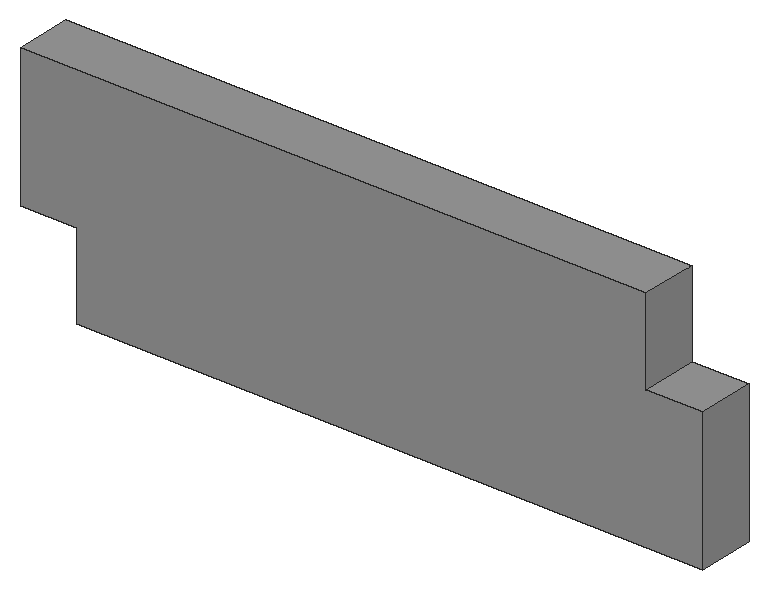
Revit family "1. Sabbia_StraightP_EN", category Modelos genéricos, Revit 2017
Family settings
  Anfitrión = Muro
  Puede alojar armadura = No
  Cota de conector redondo = Diámetro de uso
  Tipo de pieza = Normal
  Siempre vertical = Sí
  Corte con vacíos al cargar = No
  Compartido = No
  Punto de cálculo de habitación = No
Parameters (values of type "Stonepanel® Sabbia")
  Stonepanel advantages = "More Efficient: Simple and quick installation: 10 times faster than traditional masonry (placing rate average 20m2/day). More profitable: virtually non-existent product waste. Natural Stone products are more durable than other cladding materials. Stonepanel™ installation requires no skilled labour or machinery.\r\nSafer: The incorporated mechanical anchor of Stonepanel™, made of stainless steel, enables the installation of natural stone panel on surfaces higher than two meters. Strong and uniform cement base ensures adherence and allows piece cutting without risk of detachment.\r\nHigh Quality: Manufacturing processes are continually monitored by the R&D Department of CUPAGROUP. A great selection of natural stone is done by the experts of CUPASTONE. Special pieces are available, such as corners (solid, straight end, double end or for windows), coverings and other complementary solutions.\r\nMore Aesthetic: ‘S’-shaped panels to avoid visible joints, in order to enhance the external look of any projet. A wide range of natural stone panels with different colours and finishes is available. Beauty and exclusiveness of the natural stone: each piece is unique."
  Uses Indicated = "Decorative cladding system suitable for indoor and outdoor use on new or existing buildings when attached to solid walls of masonry or concrete.\r\nStonepanel Sky can be installed at any height. Stonepanel can be installed at heights up to 2 metres."
  URL = "http://www.cupastone.com/cupa/productos/panel-de-piedra/?n=stonepanel-orient-oro"
  Fire resistance = "Non-combustible"
  Durability = "The system has a design life in excess of 30 years"
  Delivery form = "Panels are packed in plastic in pairs."
  Construction details = "Details of:\r\n- Installation with a metal profile\r\n- Installation of Stonepanel\r\n- Installation on interior wall\r\n- Installation of the safety element (perforated band, screws and wall plugs)\r\n- Incoming corner\r\n- Protruding corner\r\n- Prefabricated protruding corner\r\n- Protruding corner with sawn panels\r\n- Protruding corner without Stonepanel continuity (lateral façade)\r\n- Upper edges\r\n- Avobe parapet\r\n- Frame of vain"
  Resistance = "High resistance"
  Weight = "8.75 kg"
  Oxidation = "No oxidation"
  Other relevant info = "All panels installed above 2 m from the ground must be fixed with both mortar adhesive and mechanical fixings"
  Modelo = "Stonepanel® Sabbia"
  Material = "Cream colored limestone with golden ruts and earth tones. Simply the brightest STONEPANEL™ ."
  Cleaning = "Generally the panels do not require maintenance and are self-cleaning but removal of some types of mark may require specialist treatment\r\nFor abnormal soiling, the surface may be cleaned using a hot water/household detergent mixture, applied\r\nwith a suitable cleaning pad or sponge."
  Large = 600 mm
  Impact = "It can be used in areas categorised as A to F"
  Imagen de tipo = <Ninguno>
  Format = "600 x 200"
  Form = "“S”-shaped"
  Fabricante = "Cupastone"
  Anchor system = "Perforated steel banding:\r\n- Stainless steel grade AISI 316 (1.4401) or AISI 304 (1.4301) with a minimum thickness of 0.7 mm and width of 12 mm to 15 mm, with holes 6±1 mm in diameter.\r\n- Stainless steel grade AISI 304 (1.4301) with a minimum thickness of 0.8 mm and width of 10±1 mm, with holes 5±1 mm in diameter.\r\n- The steel banding has five holes on each of the two wings, which are aligned in order to fix a screw through both holes into the wall.\r\n\r\nStainless steel screws and wall plugs:\r\nThe pull-out value of the fixings for securing Stonepanel Sky panels to the wall should be determined on site using the characteristic pull-out resistance divided by a minimum safety factor of 3."
  Tests performed by Avis Technique = "Mechanical strenth of the anchor, Resistance of the mechanical fixing, Testing of durability after water, Durability after freeze, Seismic test"
  Height offset = 0 mm
  Descripción = "Panel made of natural stones bonded to a cement base reinforced with glassfibre mesh\r\n Each panel incorporates an embedded mechanical anchor used for additional fixing system, for heights above 2 metres from the ground"
  Apparent Density = "79.5 kg/m2"
  Secondary colour = "Gold"
  Principal colour = "Beige"
  Certifications = "Avis Technique - France - In process"
  Aspect = "Natural"
  Width = 50 mm
  Height = 200 mm
  Finish = "Natural"
  Absorption = "Low absorption"
Reference planes
  plane 1 "Muro": y = 0
  plane 2 "Centro (Izquierda/Derecha)": x = 125
  plane 3 "Posterior": y = 75
Forms (mm)
  Extrusion 1, solid, material "Stonepanel® SKY Orient Gold"
    sketch origin (0, 160, 1120) x (1, 0, 0) y (0, 0, 1)
      loop
        line (125, -1120) -> (125, -996) -> (75, -996) -> (75, -920) -> (-475, -920) -> (-475, -1044) -> (-425, -1044) -> (-425, -1120) -> (125, -1120)
    from 35 to 85
Text (mm)
  text "Cara de colocación" at (-1848.837, 1116.779, 0), in view "Nivel de referencia"
  text "Cara de colocación" at (0, 1409.804, 2854.306), in view "Izquierda"
  text "Cara de colocación" at (0, 499.811, 2980.732), in view "Derecha"
Dimensions and locks
  locked: plane 3 "Posterior" to host wall
  locked: Extrusion 1 to plane 3 "Posterior" at 0
  "Width": Extrusion 1 to Extrusion 1
  "Large": Extrusion 1 to Extrusion 1
  locked: Extrusion 1 to Extrusion 1 at 76  (x2)
  "Height offset": level to Extrusion 1
  locked: Extrusion 1 to Extrusion 1 at 50  (x2)
  "Height": Extrusion 1 to Extrusion 1
  aligned and locked: plane 1 "Muro" to host wall
Automatic sketch dimensions
  level to Extrusion 1 sketch curve = 0 mm
  Extrusion 1 sketch curve to plane 2 "Centro (Izquierda/Derecha)" = 0 mm
  Extrusion 1 sketch curve to plane 2 "Centro (Izquierda/Derecha)" = 50 mm
  Extrusion 1 sketch curve to Extrusion 1 sketch curve = 500 mm
  Extrusion 1 sketch curve to Extrusion 1 sketch curve = 50 mm
  level to Extrusion 1 sketch curve = 124 mm
  level to Extrusion 1 sketch curve = 76 mm
  Extrusion 1 sketch curve to Extrusion 1 sketch curve = 76 mm
